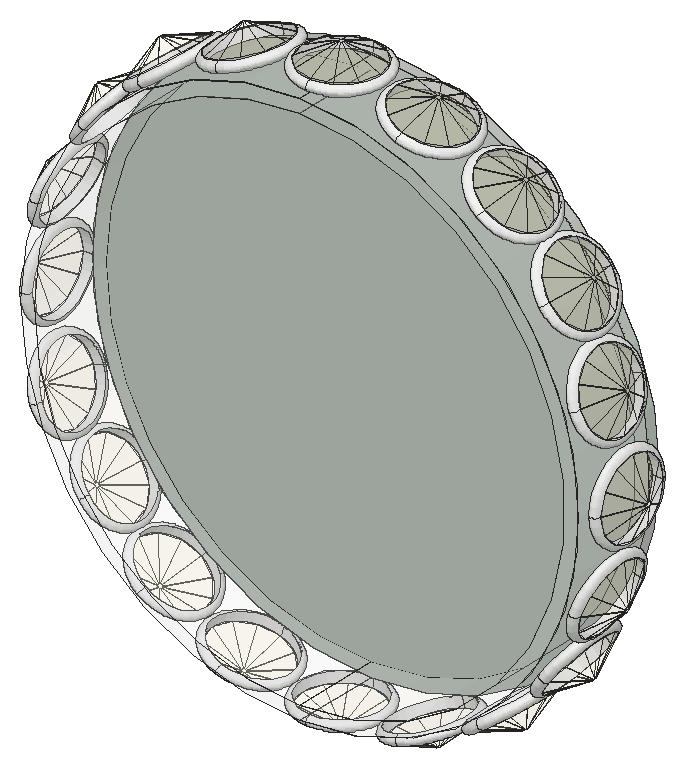
Revit family
Parameters (values of type "100W - 120V")
  Wattage = 100 W
  built-in parameter 1150110 = 1 (stored number, unit not read)
  built-in parameter 1114217 = 1 (stored number, unit not read)
  built-in parameter 1150109 = 1 (stored number, unit not read)
  built-in parameter 1150134 = 4
  built-in parameter 1150113 = 1 (stored number, unit not read)
  built-in parameter 1150115 = 1 (stored number, unit not read)
  built-in parameter 1150105 = 381.97 (stored number, unit not read)
  Классификация нагрузок = Освещение - Квартира
  Light Source Symbol Size = 609.6 mm
  built-in parameter 1150137 = 1
  built-in parameter 1150139 = (empty or 0)
  built-in parameter 1150112 = 1 (stored number, unit not read)
  built-in parameter 1150114 = 1 (stored number, unit not read)
  built-in parameter 1150132 = (empty or 0)
  built-in parameter 1150102 = (empty or 0)
  built-in parameter 1150138 = (empty or 0)
  built-in parameter 1150107 = 2800 (stored number, unit not read)
  built-in parameter 1150106 = 3.8197 (stored number, unit not read)
  built-in parameter 1150104 = 1.1148 (stored number, unit not read)
  Dimming Lamp Color Temperature Shift = (empty or 0)
  Color Filter = 16777215
  built-in parameter 1140040 [instance] = 1
  Напряжение балласта = 120 V
  Число полюсов балласта = 1
  built-in parameter 1114218 = 1 (stored number, unit not read)
  built-in parameter 1150133 = 10 (stored number, unit not read)
  Assembly Code = "D5020220"
  Lamp = "R-30"
  Материал абажура = 504. Steklo beloe
  Lumens = 1200 lm
  Высота монтажа = 1900 mm
  Радиус = 250 mm
  Wattage Comments = ""
  Apparent Load = 100 VA
Reference planes
  plane 1: y = 0
  plane 2 "Ось источника света ": x = 0
  plane 3 "Отметка источника света ": z = 1900
  plane 4 "Ось источника света ": y = 139.7
  plane 5: x = -250
  plane 6: x = 250
  plane 7: y = 76.2
Forms (mm)
  Extrusion 1, solid, material "504. Steklo beloe" <- "Материал абажура"
    sketch origin (-1524, 76.2, 0) x (-1, 0, 0) y (0, 0, 1)
      loop
        circle (-1524, 1900) r 250
      loop
        circle (-1524, 1900) r 237.518
    from 0 to 80
  Extrusion 2, solid, material "504. Zerkalo"
    sketch origin (-1524, 156.2, 0) x (-1, 0, 0) y (0, 0, 1)
      loop
        circle (-1524, 1900) r 250
    from 0 to 10
Lines and regions (mm)
  Masking region 1
    outline origin (0, 0, 0) x (1, 0, 0) y (0, 1, 0)
      loop
        line (-250, 156.2) -> (-250, 76.2) -> (250, 76.2) -> (250, 156.2) -> (-250, 156.2)
  symbolic lines
    curve 1: line (-250, 156.2, 0) -> (250, 156.2, 0)
    curve 2: line (-250, 76.2, 0) -> (-250, 156.2, 0)
    curve 3: line (250, 76.2, 0) -> (-250, 76.2, 0)
    curve 4: line (250, 156.2, 0) -> (250, 76.2, 0)
  model lines, style "InvisibleLines"
    curve 5: line (0, 76.2, 1696.8) -> (0, 76.2, 0)
Text (mm)
  text "Спереди" at (0, 1019.848, 3124.603), in view "Справа"
  text "Спереди" at (-659.482, 723.012, 0), in view "Линия этажа"
  text "Спереди" at (0, 928.088, 2345.249), in view "Слева"
Dimensions and locks
  host wall to plane 4 "Ось источника света " = 63.5 mm
  "Радиус": Extrusion 1 sketch curve to Extrusion 1 sketch curve
  "Высота монтажа": level to plane 3 "Отметка источника света "
  "Радиус": Extrusion 2 sketch curve to Extrusion 2 sketch curve
  "Радиус": plane 2 "Ось источника света " to plane 6
  equal spacing: plane 5, plane 2 "Ось источника света ", plane 6
  locked: host wall to plane 4 "Ось источника света " at 63.5
  aligned and locked: plane 7 to host wall
  aligned and locked: plane 5 to curve 2
  aligned and locked: Masking region 1 sketch curve to curve 1
  aligned and locked: Masking region 1 sketch curve to curve 2
  aligned and locked: Masking region 1 sketch curve to curve 4
  aligned and locked: Masking region 1 sketch curve to curve 3
  aligned and locked: plane 2 "Ось источника света " to imposter light
  aligned and locked: imposter light to plane 3 "Отметка источника света "
  aligned and locked: plane 4 "Ось источника света " to imposter light
  aligned and locked: plane 3 "Отметка источника света " to Extrusion 2 sketch curve
  aligned and locked: plane 2 "Ось источника света " to Extrusion 2 sketch curve
  aligned and locked: curve 1 to Extrusion 2
Automatic sketch dimensions
  curve 5 to plane 2 "Ось источника света " = 0 mm
  curve 5 to level = 0 mm
  plane 3 "Отметка источника света " to curve 5 = 203.2 mm
  Extrusion 1 sketch curve to Extrusion 1 sketch curve = 0 mm  (x12)
  Extrusion 1 sketch curve to plane 2 "Ось источника света " = 0 mm
  Extrusion 1 sketch curve to plane 3 "Отметка источника света " = 0 mm
  Extrusion 1 sketch curve to Extrusion 1 sketch curve = 12.482 mm
  curve 3 to host wall = 0 mm
  curve 3 to plane 6 = 0 mm
Nested families
  nested 1: "Елемент STILLUX" at (-0.534, 123.519, 2149.999) x (0, -1, 0) z (-0.0021, 0, 1), type "Красный"
    with Стекло 504. Steklo yellou
  nested 2: "Елемент STILLUX" at (-0.534, 123.519, 2149.999) x (0, -1, 0) z (-0.0021, 0, 1), type "Красный"
    with Стекло 504. Steklo yellou
  nested 3: "Елемент STILLUX" at (-0.534, 123.519, 2149.999) x (0, -1, 0) z (-0.0021, 0, 1), type "Красный"
    with Стекло 504. Steklo yellou
  nested 4: "Елемент STILLUX" at (-149.091, 124.861, 2100.679) x (0, -1, 0) z (-0.5964, 0, 0.8027), type "Красный"
    with Стекло 504. Steklo yellou
  nested 5: "Елемент STILLUX" at (-79.251, 122.72, 2137.106) x (0, -1, 0) z (-0.317, 0, 0.9484), type "Красный"
    with Стекло 504. Steklo yellou
  nested 6: "Елемент STILLUX" at (-202.431, 127.46, 2046.702) x (0, -1, 0) z (-0.8097, 0, 0.5868), type "Красный"
    with Стекло 504. Steklo yellou
  nested 7: "Елемент STILLUX" at (-236.788, 117.665, 1980.196) x (0, -1, 0) z (-0.9472, 0, 0.3208), type "Красный"
    with Стекло 504. Steklo yellou
  nested 8: "Елемент STILLUX" at (249.999, 123.519, 1899.466) x (0, -1, 0) z (1, 0, -0.0021), type "Красный"
    with Стекло 504. Steklo yellou
  nested 9: "Елемент STILLUX" at (149.091, 124.861, 2100.679) x (0, -1, 0) z (0.5964, 0, 0.8027), type "Красный"
    with Стекло 504. Steklo yellou
  nested 10: "Елемент STILLUX" at (79.251, 122.72, 2137.106) x (0, -1, 0) z (0.317, 0, 0.9484), type "Красный"
    with Стекло 504. Steklo yellou
  nested 11: "Елемент STILLUX" at (202.431, 127.46, 2046.702) x (0, -1, 0) z (0.8097, 0, 0.5868), type "Красный"
    with Стекло 504. Steklo yellou
  nested 12: "Елемент STILLUX" at (236.788, 117.665, 1980.196) x (0, -1, 0) z (0.9472, 0, 0.3208), type "Красный"
    with Стекло 504. Steklo yellou
  nested 13: "Елемент STILLUX" at (-0.534, 123.519, 1650.001) x (0, -1, 0) z (-0.0021, 0, -1), type "Красный"
    with Стекло 504. Steklo yellou
  nested 14: "Елемент STILLUX" at (-249.999, 123.519, 1900.534) x (0, -1, 0) z (-1, 0, 0.0021), type "Красный"
    with Стекло 504. Steklo yellou
  nested 15: "Елемент STILLUX" at (-149.091, 124.861, 1699.321) x (0, -1, 0) z (-0.5964, 0, -0.8027), type "Красный"
    with Стекло 504. Steklo yellou
  nested 16: "Елемент STILLUX" at (-79.251, 122.72, 1662.894) x (0, -1, 0) z (-0.317, 0, -0.9484), type "Красный"
    with Стекло 504. Steklo yellou
  nested 17: "Елемент STILLUX" at (-202.431, 127.46, 1753.298) x (0, -1, 0) z (-0.8097, 0, -0.5868), type "Красный"
    with Стекло 504. Steklo yellou
  nested 18: "Елемент STILLUX" at (-236.788, 117.665, 1819.804) x (0, -1, 0) z (-0.9472, 0, -0.3208), type "Красный"
    with Стекло 504. Steklo yellou
  nested 19: "Елемент STILLUX" at (149.091, 124.861, 1699.321) x (0, -1, 0) z (0.5964, 0, -0.8027), type "Красный"
    with Стекло 504. Steklo yellou
  nested 20: "Елемент STILLUX" at (79.251, 122.72, 1662.894) x (0, -1, 0) z (0.317, 0, -0.9484), type "Красный"
    with Стекло 504. Steklo yellou
  nested 21: "Елемент STILLUX" at (202.431, 127.46, 1753.298) x (0, -1, 0) z (0.8097, 0, -0.5868), type "Красный"
    with Стекло 504. Steklo yellou
  nested 22: "Елемент STILLUX" at (236.788, 117.665, 1819.804) x (0, -1, 0) z (0.9472, 0, -0.3208), type "Красный"
    with Стекло 504. Steklo yellou
Connectors
  electrical at (0, 156.2, 1900), driven by "Apparent Load", driven by "Напряжение балласта", driven by "Число полюсов балласта", driven by "Классификация нагрузок"
    settings: on Extrusion 1, index 2, voltage 120 V, apparent load 0 VA, apparent load phase1 100 VA, apparent load phase2 0 VA, apparent load phase3 0 VA, power factor 0.95, load classification "Освещение - Квартира", number of poles 1, system type 31, power factor state 1, is connector primary yes, connector utility no, sub classification motor no, connector description ""
Definition of nested family "Елемент STILLUX"
  Parameters (values of type "Красный")
    Стекло [instance] = 504. Steklo red
    Default Elevation = 1219.2 mm
    Ободок = 503. Metall serebro
  Types (4, lengths in mm): name | Стекло | Ободок
    (no name) | 504. Steklo red | 503. Metall serebro
    Золото | 504. Steklo yellou | 503. Metall zoloto
    Серебро | 503. Metall serebro | 503. Metall serebro
    Красный | 504. Steklo red | 503. Metall serebro
  Reference planes
    plane 1 "По центру (Вперед/Назад)": y = 0
    plane 2: z = 0
    plane 3 "По центру (Влево/Вправо)": x = 0
  Forms (mm)
    Extrusion 1, solid
      sketch origin (0, 0, 0) x (1, 0, 0) y (0, 1, 0)
        loop
          line (-1219.2, 1219.2) -> (-1219.2, -1219.2) -> (1219.2, -1219.2) -> (1219.2, 1219.2) -> (-1219.2, 1219.2)
      from 0 to -304.8
    Revolve 2, solid, material "503. Metall serebro" <- "Ободок"
      sketch origin (0, 0, 0) x (1, 0, 0) y (0, 0, 1)
        loop
          line (-35, 0.363) -> (-35, 9.637)
          spline (-35, 9.637) -> (-36.404, 9.179) -> (-37.637, 8.558) -> (-38.649, 7.797) -> (-39.402, 6.928) -> (-39.865, 5.983) -> (-40.022, 5) -> (-39.865, 4.017) -> (-39.402, 3.072) -> (-38.649, 2.203) -> (-37.637, 1.442) -> (-36.404, 0.821) -> (-35, 0.363)
        axis (0, 9.637) -> (0, 0.363)
      angle from 0 to 360
    SweptBlend 3, solid, material "504. Steklo red" <- "Стекло"
      path origin (0, 0, 0) x (1, 0, 0) y (0, 0, 1)
        loop
          line (0, 10) -> (0, 25)
      profile origin (0, 0, 10) x (-1, 0, 0) y (0, -1, 0)
        loop
          line (35, 0) -> (30.311, 17.5) -> (17.5, 30.311) -> (0, 35) -> (-17.5, 30.311) -> (-30.311, 17.5) -> (-35, 0) -> (-30.311, -17.5) -> (-17.5, -30.311) -> (0, -35) -> (17.5, -30.311) -> (30.311, -17.5) -> (35, 0)
      end profile origin (0, 0, 25) x (-1, 0, 0) y (0, -1, 0)
        loop
          line (0, -2) -> (1, -1.732) -> (1.732, -1) -> (2, 0) -> (1.732, 1) -> (1, 1.732) -> (0, 2) -> (-1, 1.732) -> (-1.732, 1) -> (-2, 0) -> (-1.732, -1) -> (-1, -1.732) -> (0, -2)
  Dimensions and locks
    aligned and locked: plane 2 to Extrusion 1
    aligned and locked: level to Extrusion 1
